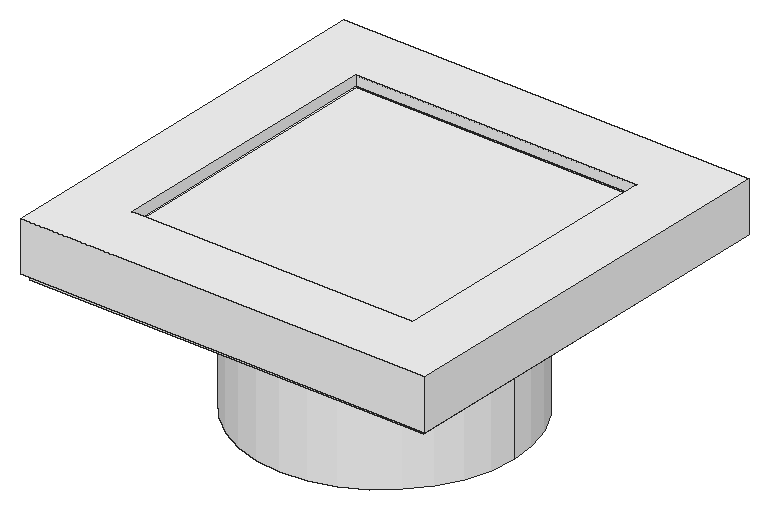
Revit family "Gira_039201", category Electrical Fixtures, host Face, Revit 2017
Family settings
  Host = Face
  Maintain Annotation Orientation = Yes
  Round Connector Dimension = Use Diameter
  Part Type = Normal
  Cut with Voids When Loaded = No
  Shared = No
  Room Calculation Point = No
Parameters (values of type "RTC 230 V  NC con. 1-way + ctrl.l. System 55 cr.white")
  With tap water circuit = "No"
  With sound indicator = "No"
  With receiver = "No"
  White [instance] = White
  URL = "http://katalog.gira.de/en/datenblatt.html?artikelnr=039201"
  Thermal feedback = "None"
  Temperature readable = "No"
  Sensor/feeler type = "Other"
  RAL-number = "1013"
  Name = "RTC 230 V  NC con. 1-way + ctrl.l. System 55 cr.white"
  Model = "On/Off"
  Measuring range minimum value = "5"
  Measuring range maximum value = "30"
  Manufacturer URL = "https://www.gira.de/"
  Manufacturer = "Gira"
  HeinzeBIM = "https://bimportal.heinze.de/bim/rtc-230-v-nc-con-1-way-ctrl-l-system-55-cr-white/11362717f9d1dcdf7ca8555f075ec522cddf3a97"
  Heating = "Yes"
  HAN = "039201"
  GTIN = "4010337392019"
  External sensor = "No"
  Explosion-proof = "No"
  Description = "RTC 230V NC con.1-w ctrl.l. Sys55 CW,Room temperature controller 230 10 (4) A~  with NC contact, 1-way switch and control light,System 55,cream white glossy,Notes :,- For screw mounting only.,- Flat design."
  Default Elevation = 1219.2 mm
  Data sheet (1) = "https://katalog.gira.de/en/download.html?artikelnr=039201"
  Cooling = "No"
  Control characteristic = "Other"
  Contact type = "Breaker contact"
  Connection = "Two-wire"
  Category = "Room thermostat"
  BIM (1) = "https://media.stage.bim.site/public/gira/36a6b08/Sys55_Komplettgerät_Schalten und Tasten.rfa?public/gira/36a6b08/Sys55_Komplettgerät_Schalten und Tasten.rfa"
  Available = "No"
  Adjustable differential = "No"
Reference planes
  plane 1 "Center (Front/Back)": y = 0
  plane 2: z = 0
  plane 3 "Center (Left/Right)": x = 0
Forms (mm)
  Extrusion 1, solid, material "White" <- "White", detail levels medium
    sketch origin (0, 0, 0) x (1, 0, 0) y (0, 1, 0)
      loop
        line (-40.4, 40.4) -> (-40.4, -40.4) -> (40.4, -40.4) -> (40.4, 40.4) -> (-40.4, 40.4)
      loop
        line (-28, 28) -> (-28, -28) -> (28, -28) -> (28, 28) -> (-28, 28)
    from 0 to 10
  Extrusion 2, solid, material "White" <- "White", detail levels fine
    sketch origin (0, 0, 0) x (1, 0, 0) y (0, 1, 0)
      loop
        line (-40.4, 40.4) -> (-40.4, -40.4) -> (40.4, -40.4) -> (40.4, 40.4) -> (-40.4, 40.4)
      loop
        line (-28, 28) -> (-28, -28) -> (28, -28) -> (28, 28) -> (-28, 28)
    from 0 to 10
  Extrusion 3, void
    sketch origin (0, 0, 0) x (1, 0, 0) y (0, 1, 0)
      loop
        line (-38.4, 38.4) -> (-38.4, -38.4) -> (38.4, -38.4) -> (38.4, 38.4) -> (-38.4, 38.4)
    from 0 to 8
  Extrusion 4, solid, material "White" <- "White", detail levels medium+fine
    sketch origin (0, 0, 0) x (1, 0, 0) y (0, 1, 0)
      loop
        line (-39.4, 39.4) -> (-39.4, -39.4) -> (39.4, -39.4) -> (39.4, 39.4) -> (-39.4, 39.4)
    from 0 to -1
  Extrusion 5, solid, material "White" <- "White", detail levels medium+fine
    sketch origin (0, 0, 0) x (1, 0, 0) y (0, 1, 0)
      loop
        line (-35.5, 35.5) -> (-35.5, -35.5) -> (35.5, -35.5) -> (35.5, 35.5) -> (-35.5, 35.5)
    from -2 to -3
  Extrusion 6, solid, material "White" <- "White", detail levels medium+fine
    sketch origin (0, 0, 0) x (1, 0, 0) y (0, 1, 0)
      loop
        circle (0, 0) r 26
    from 0 to -27.5
  Extrusion 7, solid, material "White" <- "White", detail levels coarse
    sketch origin (0, 0, 0) x (1, 0, 0) y (0, 1, 0)
      loop
        line (-40.4, 40.4) -> (-40.4, -40.4) -> (40.4, -40.4) -> (40.4, 40.4) -> (-40.4, 40.4)
    from -27.5 to 10
Cuts and joins
  Extrusion 3 cuts Extrusion 2
Dimensions and locks
  aligned and locked: plane 2 to host face
  aligned and locked: level to host face
  aligned and locked: plane 3 "Center (Left/Right)" to nested 2
  aligned and locked: plane 1 "Center (Front/Back)" to nested 2
Nested families
  nested 1: "Sys55_Abdeckung_Schalten und Tasten_floor_base" at (0, 0, 0), type "Sys55_Abdeckung_Schalten und Tasten_floor_base"
  nested 2: "Schalter" at (0, 0, 0), type "Schalter"
Connectors
  electrical at (0, 0, -27.5)
    settings: on Extrusion 6, index 1, voltage 220 V, apparent load 0 VA, apparent load phase1 0 VA, apparent load phase2 0 VA, apparent load phase3 0 VA, power factor 1, load classification "Other", number of poles 1, system type 30, power factor state 1, is connector primary yes, connector utility no, sub classification motor no, connector description ""
Definition of nested family "Sys55_Abdeckung_Schalten und Tasten_floor_base"
  Parameters
    Default Elevation = 1219.2 mm
    White [instance] = none
  Reference planes
    plane 1 "Center (Front/Back)": y = 0
    plane 2: z = 0
    plane 3 "Center (Left/Right)": x = 0
  Forms (mm)
    Extrusion 1, solid
      sketch origin (0, 0, 0) x (1, 0, 0) y (0, 1, 0)
        loop
          line (-1219.2, 1219.2) -> (-1219.2, -1219.2) -> (1219.2, -1219.2) -> (1219.2, 1219.2) -> (-1219.2, 1219.2)
      from 0 to -304.8
    Extrusion 2, solid, material <- "White", detail levels fine
      sketch origin (0, 0, 0) x (1, 0, 0) y (0, 1, 0)
        loop
          line (-27.5, 27.5) -> (-27.5, -27.5) -> (27.5, -27.5) -> (27.5, 27.5) -> (-27.5, 27.5)
      from 0 to 8
    Extrusion 3, void
      sketch origin (0, 0, 0) x (1, 0, 0) y (0, 1, 0)
        loop
          line (26, 26) -> (-26, 26) -> (-26, -26) -> (26, -26) -> (26, 26)
      from 0 to 6
    Extrusion 4, solid, material <- "White", detail levels medium
      sketch origin (0, 0, 0) x (1, 0, 0) y (0, 1, 0)
        loop
          line (-27.5, 27.5) -> (-27.5, -27.5) -> (27.5, -27.5) -> (27.5, 27.5) -> (-27.5, 27.5)
      from 0 to 8
    Extrusion 5, solid, material <- "White", detail levels medium
      sketch origin (0, 0, 0) x (1, 0, 0) y (0, 1, 0)
        loop
          line (11, -17.5) -> (11, 17.5) -> (-11, 17.5) -> (-11, -17.5) -> (11, -17.5)
      from -6 to 6
    Extrusion 6, solid, material <- "White", detail levels fine
      sketch origin (0, 0, 0) x (1, 0, 0) y (0, 1, 0)
        loop
          line (11, 17.5) -> (-11, 17.5) -> (-11, 16.5) -> (11, 16.5) -> (11, 17.5)
        loop
          line (-11, -16.5) -> (-11, -17.5) -> (11, -17.5) -> (11, -16.5) -> (-11, -16.5)
      from -4 to 6
    Extrusion 7, solid, material <- "White", detail levels fine
      sketch origin (0, 0, 0) x (1, 0, 0) y (0, 1, 0)
        loop
          arc (5, 9.347) -> (0, 10.6) -> (-5, 9.347) r 10.6
          line (-5, 9.347) -> (-5, -9.347)
          arc (-5, -9.347) -> (0, -10.6) -> (5, -9.347) r 10.6
          line (5, -9.347) -> (5, 9.347)
      from -6 to 6
    Extrusion 8, solid, material <- "White", detail levels coarse
      sketch origin (0, 0, 0) x (1, 0, 0) y (0, 1, 0)
        loop
          line (-27.5, 27.5) -> (-27.5, -27.5) -> (27.5, -27.5) -> (27.5, 27.5) -> (-27.5, 27.5)
      from -6 to 8
  Cuts and joins
    Extrusion 3 cuts Extrusion 2
  Dimensions and locks
    aligned and locked: plane 2 to Extrusion 1
    aligned and locked: level to Extrusion 1
Definition of nested family "Schalter"
  Reference planes
    plane 1: y = 0
    plane 2: x = 0
  Lines and regions (mm)
    detail lines
      curve 1: circle (1.375, 2.778, 0) r 0.8 normal (0, 0, 1)
      curve 2: line (1.021, 2.061, 0) -> (0, 0, 0)
      curve 3: line (0, 0, 0) -> (-0.538, 0.266, 0)
  Dimensions and locks
    curve 2 to curve 2 = 2.3 mm
    curve 3 to curve 2 = 0.6 mm
    radius of curve 1 = 0.8 mm
